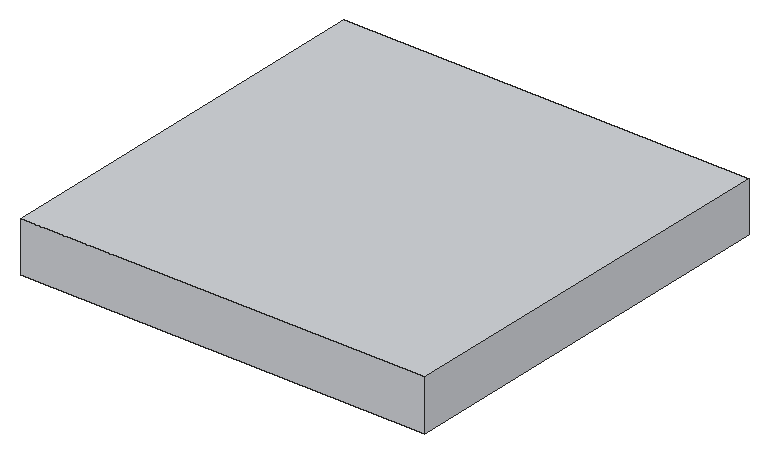
Revit family "XXX_FMI_Zutrittskontrolle", category Sicherheitsgeräte, Revit 2015
Parameters (values of type "Bewegungsmelder")
  kamera = no
  domekamera = no
  bewegungsmelder = yes
  Türkontakt = no
  Schließkontakt = no
  Rechteck = no
  Leerdose = yes
  Kurzzeichen = "2"
  Kartenleser = no
  Quadrat = no
  Material = none
  Vorgabe-Ansicht = 300 mm
  Beschriftung = ""
  Ampel = no
Types (9, lengths in mm): name | kamera | domekamera | bewegungsmelder | Türkontakt | Schließkontakt | Rechteck | Leerdose | Kartenleser | Quadrat | Beschriftung | Ampel
  Kartenleser | no | no | no | no | no | no | no | yes | no | "" | no
  Zutritts-Kontroll-Zentrale | no | no | no | no | no | yes | no | no | no | "ZKZ" | no
  Zutrittskontrolle | no | no | no | no | no | no | no | no | yes | "ZK" | no
  Schleusensteuerung, Ampel | no | no | no | no | no | no | no | no | no | "" | yes
  Magnetkontakt | no | no | no | yes | no | no | yes | no | no | "ZKZ" | no
  Bewegungsmelder | no | no | yes | no | no | no | yes | no | no | "" | no
  Kamera | yes | no | no | no | no | no | no | no | no | "ZKZ" | no
  Domekamera | no | yes | no | no | no | no | no | no | no | "ZKZ" | no
  Schließblechkontakt | no | no | no | no | yes | no | yes | no | no | "ZKZ" | no
Reference planes
  plane 1 "Mitte (Vorne/Hinten)": y = 0
  plane 2: z = 0
  plane 3 "Mitte (Links/Rechts)": x = 0
  plane 4: z = 7
  plane 5: z = -65
  plane 6: x = -40
  plane 7: x = 40
  plane 8: y = 40
  plane 9: y = -40
Forms (mm)
  Extrusion 1, solid
    sketch origin (0, 0, 0) x (1, 0, 0) y (0, 1, 0)
      loop
        line (-1219.2, 1219.2) -> (-1219.2, -1219.2) -> (1219.2, -1219.2) -> (1219.2, 1219.2) -> (-1219.2, 1219.2)
    from 0 to -304.8
Lines and regions (mm)
  symbolic lines, detail levels fine
    curve 1: line (-40, 0, 7) -> (40, 0, 7)
    curve 2: line (-40, 0, 0) -> (-40, 0, 7)
    curve 3: line (40, 0, 0) -> (-40, 0, 0)
    curve 4: line (40, 0, 7) -> (40, 0, 0)
    curve 5: line (-35, 0, -65) -> (-35, 0, 0)
    curve 6: line (35, 0, -65) -> (-35, 0, -65)
    curve 7: line (35, 0, 0) -> (35, 0, -65)
Dimensions and locks
  locked: plane 4 to plane 2 at 7
  plane 2 to plane 5 = 65 mm
  equal spacing: plane 6, plane 3 "Mitte (Links/Rechts)", plane 7
  plane 6 to plane 7 = 80 mm
  equal spacing: plane 8, plane 1 "Mitte (Vorne/Hinten)", plane 9
  plane 8 to plane 9 = 80 mm
  aligned and locked: plane 2 to Extrusion 1
  aligned and locked: level to Extrusion 1
  aligned and locked: plane 2 to curve 3
  aligned and locked: curve 1 to plane 4
  aligned and locked: curve 4 to plane 7
  aligned and locked: plane 6 to curve 2
  aligned and locked: plane 2 to curve 7
  aligned and locked: plane 5 to curve 6
Automatic sketch dimensions
  Extrusion 1 sketch curve to Extrusion 1 sketch curve = 2438.4 mm  (x2)
  plane 6 to curve 5 = 5 mm
  curve 7 to plane 7 = 5 mm
Nested families
  nested 1: "ZKZ Quadrat Beschriftung" at (6.172, 3.968, 0), visible <- "Quadrat", type "ZKZ Quadrat Beschriftung"
  nested 2: "ZKZ Rechteck Beschriftung" at (0.522, 3.968, 0), visible <- "Rechteck", type "ZKZ Rechteck Beschriftung"
  nested 3: "ZKZ_Kartenleser" at (0, 0, 0), visible <- "Kartenleser", type "ZKZ_Kartenleser"
  nested 4: "magnetkontakt" at (3.433, -1.555, 0), visible <- "Türkontakt", type "Türkontakt"
  nested 5: "Türampel" at (-4.041, 0, 0), visible <- "Ampel", type "Türampel"
  nested 6: "schließkontakt" at (2.982, 1.319, 0), visible <- "Schließkontakt", type "schließ"
  nested 7: "beweg" at (5.316, 0.893, 0), visible <- "bewegungsmelder", type "beweg"
  nested 8: "kamera" at (1.532, 5.946, 0), visible <- "kamera", type "kamera"
  nested 9: "domekamera" at (0.642, -4.218, 0), visible <- "domekamera", type "domekamera"
Definition of nested family "ZKZ Quadrat Beschriftung"
  Parameters
    Beschriftung = "ZKZ"
  Reference planes
    plane 1: y = 0
    plane 2: x = 0
  Lines and regions (mm)
    detail lines
      curve 1: line (-2, -2, 0) -> (2, -2, 0)
      curve 2: line (-2, 2, 0) -> (-2, -2, 0)
      curve 3: line (2, 2, 0) -> (-2, 2, 0)
      curve 4: line (2, -2, 0) -> (2, 2, 0)
  Text (mm)
    label "XX" at (0.01, 0, 0), shows "Beschriftung"
Definition of nested family "ZKZ Rechteck Beschriftung"
  Parameters
    Beschriftung = "ZKZ"
  Reference planes
    plane 1: y = 0
    plane 2: x = 0
  Lines and regions (mm)
    detail lines
      curve 1: line (-3.5, -2, 0) -> (3.5, -2, 0)
      curve 2: line (-3.5, 2, 0) -> (-3.5, -2, 0)
      curve 3: line (3.5, 2, 0) -> (-3.5, 2, 0)
      curve 4: line (3.5, -2, 0) -> (3.5, 2, 0)
  Text (mm)
    label "XX" at (0.01, 0, 0), shows "Beschriftung"
Definition of nested family "ZKZ_Kartenleser"
  Parameters
    Beschriftung = "ZKZ"
  Reference planes
    plane 1: y = 0
    plane 2: x = 0
  Lines and regions (mm)
    detail lines
      curve 1: line (-1.968, -1.968, 0) -> (1.968, -1.968, 0)
      curve 2: line (-1.968, 1.968, 0) -> (-1.968, -1.968, 0)
      curve 3: line (1.968, 1.968, 0) -> (-1.968, 1.968, 0)
      curve 4: line (1.968, -1.968, 0) -> (1.968, 1.968, 0)
      curve 5: line (1.363, -1.378, 0) -> (1.363, 1.378, 0)
      curve 6: line (0.576, -1.378, 0) -> (0.576, 1.378, 0)
Definition of nested family "magnetkontakt"
  Reference planes
    plane 1: y = 0
    plane 2: x = 0
  Lines and regions (mm)
    Filled region 1, type "Gefüllter Bereich Zutritsskontrolle"
      outline origin (0.282, -0.25, 0) x (1, 0, 0) y (0, 1, 0)
        loop
          line (-1.532, 1.5) -> (-1.532, -1) -> (0.968, -1) -> (0.968, 1.5) -> (-1.532, 1.5)
    detail lines
      curve 1: line (-1.25, -1.25, 0) -> (1.25, -1.25, 0)
      curve 2: line (-1.25, 1.25, 0) -> (-1.25, -1.25, 0)
      curve 3: line (1.25, 1.25, 0) -> (-1.25, 1.25, 0)
      curve 4: line (1.25, -1.25, 0) -> (1.25, 1.25, 0)
Definition of nested family "Türampel"
  Reference planes
    plane 1: y = 0
    plane 2: x = 0
  Lines and regions (mm)
    detail lines
      curve 1: line (-1.968, -3.4, 0) -> (1.932, -3.4, 0)
      curve 2: line (-1.968, 3.4, 0) -> (-1.968, -3.4, 0)
      curve 3: line (1.932, 3.4, 0) -> (-1.968, 3.4, 0)
      curve 4: line (1.932, -3.4, 0) -> (1.932, 3.4, 0)
      curve 5: circle (0, 1.53, 0) r 1.248 normal (0, 0, 1)
      curve 6: circle (0, -1.53, 0) r 1.248 normal (0, 0, 1)
      curve 7: line (-0.882, 2.413, 0) -> (0.882, 0.648, 0)
      curve 8: line (-0.882, -0.648, 0) -> (0.882, -2.413, 0)
      curve 9: line (0.882, 2.413, 0) -> (-0.882, 0.648, 0)
      curve 10: line (0.882, -0.648, 0) -> (-0.882, -2.413, 0)
Definition of nested family "schließkontakt"
  Reference planes
    plane 1: y = 0
    plane 2: x = 0
  Lines and regions (mm)
    Filled region 1, type "Gefüllter Bereich Zutritsskontrolle"
      outline origin (0, 0, 0) x (1, 0, 0) y (0, 1, 0)
        loop
          line (-0.8, -1.333) -> (0.8, -1.333) -> (0.256, 0.085)
          arc (0.256, 0.085) -> (0, 1.333) -> (-0.256, 0.085) r 0.65
          line (-0.256, 0.085) -> (-0.8, -1.333)
    detail lines
      curve 1: line (-0.8, -1.333, 0) -> (0.8, -1.333, 0)
      curve 2: arc (0.256, 0.085, 0) -> (0, 1.333, 0) -> (-0.256, 0.085, 0) r 0.65
      curve 3: line (-0.8, -1.333, 0) -> (-0.256, 0.085, 0)
      curve 4: line (0.256, 0.085, 0) -> (0.8, -1.333, 0)
Definition of nested family "beweg"
  Reference planes
    plane 1: y = 0
    plane 2: x = 0
  Lines and regions (mm)
    detail lines
      curve 1: line (0.178, 1.261, 0) -> (-1.534, 0, 0)
      curve 2: line (0.178, -1.261, 0) -> (-1.534, 0, 0)
      curve 3: arc (-0.139, 1.027, 0) -> (0.659, 0, 0) -> (-0.139, -1.027, 0) r 1.059
      curve 4: line (1.024, 0, 0) -> (1.532, 0, 0)
      curve 5: line (0.664, 1.092, 0) -> (1.078, 1.396, 0)
      curve 6: line (0.664, -1.092, 0) -> (1.078, -1.396, 0)
Definition of nested family "kamera"
  Reference planes
    plane 1: y = 0
    plane 2: x = 0
  Lines and regions (mm)
    detail lines
      curve 1: line (2.6, 0.996, 0) -> (3.5, 0.996, 0)
      curve 2: line (3.5, -0.777, 0) -> (1.576, -0.777, 0)
      curve 3: line (3.5, 0.996, 0) -> (3.5, -0.777, 0)
      curve 4: line (0.87, -2, 0) -> (1.576, -0.777, 0)
      curve 5: line (3.179, 2, 0) -> (2.6, 0.996, 0)
      curve 6: line (0.87, -2, 0) -> (-3.5, -2, 0)
      curve 7: line (-3.5, 2, 0) -> (3.179, 2, 0)
      curve 8: line (-3.5, -2, 0) -> (-3.5, 2, 0)
    detail lines, not visible
      curve 9: line (27.104, 6.601, 0) -> (28.004, 6.601, 0)
      curve 10: line (28.004, 4.828, 0) -> (26.08, 4.828, 0)
      curve 11: line (28.004, 6.601, 0) -> (28.004, 4.828, 0)
      curve 12: line (25.374, 3.606, 0) -> (26.08, 4.828, 0)
      curve 13: line (27.683, 7.606, 0) -> (27.104, 6.601, 0)
      curve 14: line (25.374, 3.606, 0) -> (21.004, 3.606, 0)
      curve 15: line (21.004, 7.606, 0) -> (27.683, 7.606, 0)
      curve 16: line (21.004, 3.606, 0) -> (21.004, 7.606, 0)
Definition of nested family "domekamera"
  Reference planes
    plane 1: y = 0
    plane 2: x = 0
  Lines and regions (mm)
    detail lines
      curve 1: line (1.66, 0.775, 0) -> (2.148, 0.775, 0)
      curve 2: line (2.148, -0.154, 0) -> (1.124, -0.154, 0)
      curve 3: line (2.148, 0.775, 0) -> (2.148, -0.154, 0)
      curve 4: line (0.636, -0.999, 0) -> (1.124, -0.154, 0)
      curve 5: line (2.148, 1.62, 0) -> (1.66, 0.775, 0)
      curve 6: line (0.636, -0.999, 0) -> (-1.78, -0.999, 0)
      curve 7: line (-1.78, 1.62, 0) -> (2.148, 1.62, 0)
      curve 8: line (-1.78, -0.999, 0) -> (-1.78, 1.62, 0)
      curve 9: line (-3.143, 2.062, 0) -> (3.143, 2.062, 0)
      curve 10: arc (-3.143, 2.062, 0) -> (0, -2.062, 0) -> (3.143, 2.062, 0) r 3.26
